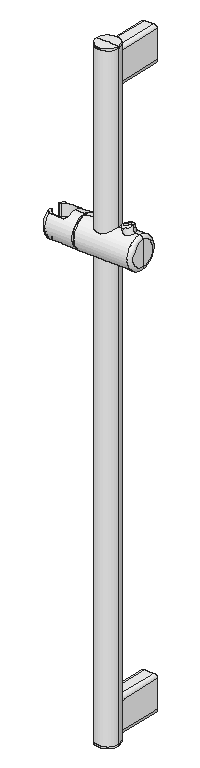
Revit family "Reece_Accessory_Mizu_Drift_Shower Grab Rail_Assisted Living", category Plumbing Fixtures, Revit 2018
Family settings
  Round Connector Dimension = Use Diameter
  Part Type = Normal
  Work Plane-Based = Yes
  Always vertical = Yes
  Cut with Voids When Loaded = Yes
  Shared = Yes
  Room Calculation Point = Yes
Parameters (values of type "840 mm_Chrome")
  URL = "https://www.reece.com.au/product/-2265152"
  Type Comments = "Accessory"
  Reece_Product_Web Page = "https://www.reece.com.au/product/-2265152"
  Reece_Product_Type = "Accessory"  # constant formula
  Reece_Product_Sub Brand = "Drift"  # constant formula
  Reece_Product_Number = "2265152"
  Reece_Product_Mount = "Wall Mounted"  # constant formula
  Reece_Product_Description = "Mizu Drift Assisted Living Straight Shower Grab Rail 840mm Chrome"
  Reece_Product_Brand = "Mizu"  # constant formula
  Reece_Overall_Height = 905 mm  # constant formula
  Reece_Material_Main = Reece_Brass_Brushed Chrome
  Reece_Installation_Minimum Depth [instance] = if(Reece_Height_From_Level < 16 mm, 16 mm, if(Reece_Height_From_Level > 16 mm, Reece_Height_From_Level, Reece_Height_From_Level))  # 600 mm
  Reece_Height_From_Level [instance] = 600 mm
  Reece_Detail_Shape = "Straight"  # constant formula
  Reece_Detail_Function = "Assisted Living"  # constant formula
  Reece_Detail_Disclaimer = "THIS FILE IS THE PROPERTY OF THE REECE GROUP. IT MAY NOT BE REPRODUCED, REVERSE-ENGINEERED, OR MODIFIED. ANY REPUBLICATION, TRANSMISSION, OR DISTRIBUTION FOR THE PURPOSE OF COMMERCIALLY EXPLOITING THE FILES IS PROHIBITED."  # constant formula
  Reece_Detail_Additional = "Shower Rail"  # constant formula
  Reece_Accessory_Projection = 91 mm  # constant formula
  Model = "Drift"
  Manufacturer = "Mizu"
  Keynote = "Product #2265152, Reece_Accessory_Mizu_Drift_Shower Grab Rail_Assisted Living - 840 mm_Chrome"
  Disclaimer = "THIS FILE IS THE PROPERTY OF THE REECE GROUP. IT MAY NOT BE REPRODUCED, REVERSE-ENGINEERED, OR MODIFIED. ANY REPUBLICATION, TRANSMISSION, OR DISTRIBUTION FOR THE PURPOSE OF COMMERCIALLY EXPLOITING THE FILES IS PROHIBITED."  # constant formula
  Description = "Mizu Drift Assisted Living Straight Shower Grab Rail 840mm Chrome"
  Default Elevation = 0 mm
Types (4, lengths in mm): name | URL | Reece_Product_Web Page | Reece_Product_Number | Reece_Product_Description | Reece_Material_Main | Keynote | Description
  (no name) | "https://www.reece.com.au/product/-2265154" | "https://www.reece.com.au/product/-2265154" | "2265154" | "Mizu Drift Assisted Living Straight Shower Grab Rail 840mm Brushed Nickel" | Reece_Brass_Brushed Nickel | "Product #2265154, Reece_Accessory_Mizu_Drift_Shower Grab Rail_Assisted Living -  " | "Mizu Drift Assisted Living Straight Shower Grab Rail 840mm Brushed Nickel"
  840 mm_Chrome | "https://www.reece.com.au/product/-2265152" | "https://www.reece.com.au/product/-2265152" | "2265152" | "Mizu Drift Assisted Living Straight Shower Grab Rail 840mm Chrome" | Reece_Brass_Brushed Chrome | "Product #2265152, Reece_Accessory_Mizu_Drift_Shower Grab Rail_Assisted Living - 840 mm_Chrome" | "Mizu Drift Assisted Living Straight Shower Grab Rail 840mm Chrome"
  840 mm_Brushed Nickel | "https://www.reece.com.au/product/-2265154" | "https://www.reece.com.au/product/-2265154" | "2265154" | "Mizu Drift Assisted Living Straight Shower Grab Rail 840mm Brushed Nickel" | Reece_Brass_Brushed Nickel | "Product #2265154, Reece_Accessory_Mizu_Drift_Shower Grab Rail_Assisted Living - 840 mm_Brushed Nickel" | "Mizu Drift Assisted Living Straight Shower Grab Rail 840mm Brushed Nickel"
  840 mm_Matte Black | "https://www.reece.com.au/product/-2265153" | "https://www.reece.com.au/product/-2265153" | "2265153" | "Mizu Drift Assisted Living Straight Shower Grab Rail 840mm Matte Black" | Reece_Brass_Matte Black | "Product #2265153, Reece_Accessory_Mizu_Drift_Shower Grab Rail_Assisted Living - 840 mm_Matte Black" | "Mizu Drift Assisted Living Straight Shower Grab Rail 840mm Matte Black"
Reference planes
  plane 1 "Center (Front/Back)": y = 0
  plane 2 "Bottom Host Plane": z = -5
  plane 3 "Center (Left/Right)": x = 0
  plane 4 "Height From Level": z = 600
  plane 5: y = -91
  plane 6: z = 1505
Lines and regions (mm)
  model lines, style "InvisibleLines"
    curve 1: line (0, 0, 600) -> (0, 0, 0)
Text (mm)
  text "Reece ©" at (2262.069, -2096.372, 3658.371), in view "Reece Preview"
  text "Reece Copyright © 2018, Reece Ltd." at (477.94, 39.386, 0), in view "Ref. Level"
Dimensions and locks
  locked: plane 2 "Bottom Host Plane" to level at 5
  "Reece_Installation_Minimum Depth": plane 4 "Height From Level" to level
  "Reece_Accessory_Projection": plane 1 "Center (Front/Back)" to plane 5
  "Reece_Overall_Height": plane 6 to plane 4 "Height From Level"
  aligned and locked: plane 4 "Height From Level" to curve 1
  aligned and locked: level to curve 1
  aligned and locked: plane 3 "Center (Left/Right)" to nested 1
Automatic sketch dimensions
  curve 1 to plane 3 "Center (Left/Right)" = 0 mm
Nested families
  nested 1: "Reece_Accessory_Mizu_Drift_Shower Grab Rail_Assisted Living_Nested" at (52.5, 0, 600), Reece_Material_Main <- "Reece_Material_Main", type "Reece_Accessory_Mizu_Drift_Shower Grab Rail_Assisted Living_Nested"
    with Reece_Material_Main Reece_Brass_Brushed Chrome
Definition of nested family "Reece_Accessory_Mizu_Drift_Shower Grab Rail_Assisted Living_Nested"
  Parameters (values of type "Reece_Accessory_Mizu_Drift_Shower Grab Rail_Assisted Living_Nested")
    Reece_Product_Web Page = ""
    Reece_Product_Type = ""
    Reece_Product_Sub Brand = ""
    Reece_Product_Number = ""
    Reece_Product_Mount = ""
    Reece_Product_Description = ""
    Reece_Product_Brand = ""
    Reece_Material_Main [instance] = none
    Reece_Detail_Shape = ""
    Reece_Detail_Installation = ""
    Reece_Detail_Connector = ""
    Reece_Detail_Additional = ""
    Default Elevation = 0 mm
  Reference planes
    plane 1 "Center (Front/Back)": y = 0
    plane 2 "Bottom Host Plane": z = 0
    plane 3 "Center (Left/Right)": x = -52.5
    plane 4: y = -91
    plane 5: z = 905
    plane 6: z = 16
    plane 7 "Rail": y = -75
    plane 8: x = -68.5
    plane 9: z = 649
    plane 10: z = 649
  Forms (mm)
    Sweep 1, solid, material <- "Reece_Material_Main"
      path origin (0, -75, 459.095) x (-1, 0, 0) y (0, 0, 1)
        loop
          line (52.5, 445.905) -> (52.5, -459.095)
      profile origin (-52.5, -75, 452.5) x (0, 1, 0) y (-1, 0, 0)
        loop
          circle (0, 0) r 16
    Revolve 2, void
      sketch origin (0, -75, 459.095) x (-1, 0, 0) y (0, 0, 1)
        loop
          line (107.5, 442.871) -> (107.5, 455.905) -> (52.5, 455.905) -> (52.5, 445.905)
          arc (52.5, 445.905) -> (80.042, 445.146) -> (107.5, 442.871) r 500
        loop
          line (62.908, 443.655) -> (69.716, 443.179) -> (70.585, 443.655) -> (62.908, 443.655)
        loop
          arc (107.5, -456.061) -> (80.042, -458.336) -> (52.5, -459.095) r 500
          line (52.5, -459.095) -> (52.5, -469.095) -> (107.5, -469.095) -> (107.5, -456.061)
        loop
          line (62.908, -456.845) -> (70.585, -456.845) -> (69.716, -456.369) -> (62.908, -456.845)
        axis (52.5, -469.095) -> (52.5, 455.905)
      angle from 0 to 360
    Extrusion 3, solid, material <- "Reece_Material_Main"
      sketch origin (0, 0, 459.095) x (1, 0, 0) y (0, 0, 1)
        loop
          arc (-64, 393.394) -> (-62.536, 389.858) -> (-59, 388.394) r 5
          line (-59, 388.394) -> (-46, 388.394)
          arc (-46, 388.394) -> (-42.464, 389.858) -> (-41, 393.394) r 5
          line (-41, 393.394) -> (-41, 433.394)
          arc (-41, 433.394) -> (-42.464, 436.929) -> (-46, 438.394) r 5
          line (-46, 438.394) -> (-59, 438.394)
          arc (-59, 438.394) -> (-62.536, 436.929) -> (-64, 433.394) r 5
          line (-64, 433.394) -> (-64, 393.394)
        loop
          line (-64, -406.584) -> (-64, -446.584)
          arc (-64, -446.584) -> (-62.536, -450.119) -> (-59, -451.584) r 5
          line (-59, -451.584) -> (-46, -451.584)
          arc (-46, -451.584) -> (-42.464, -450.119) -> (-41, -446.584) r 5
          line (-41, -446.584) -> (-41, -406.584)
          arc (-41, -406.584) -> (-42.464, -403.048) -> (-46, -401.584) r 5
          line (-46, -401.584) -> (-59, -401.584)
          arc (-59, -401.584) -> (-62.536, -403.048) -> (-64, -406.584) r 5
      from 0 to 75
    Revolve 4, solid, material <- "Reece_Material_Main"
      sketch origin (0, -75, 121.511) x (-1, 0, 0) y (0, 0, 1)
        loop
          line (1.5, 544.989) -> (1.5, 527.489) -> (129.5, 527.489) -> (129.5, 544.989)
          arc (129.5, 544.989) -> (128.036, 548.524) -> (124.5, 549.989) r 5
          line (124.5, 549.989) -> (85.5, 549.989) -> (85.5, 549.189) -> (82.5, 549.189) -> (82.5, 549.989) -> (6.5, 549.989)
          arc (6.5, 549.989) -> (2.964, 548.524) -> (1.5, 544.989) r 5
        axis (129.5, 527.489) -> (1.5, 527.489)
      angle from 0 to 360
    Extrusion 5, void
      sketch origin (0, -75, 121.511) x (-1, 0, 0) y (0, 0, 1)
        loop
          line (103.5, 543.989) -> (133.5, 543.989) -> (133.5, 552.452) -> (98.5, 552.452) -> (98.5, 548.989)
          arc (98.5, 548.989) -> (99.964, 545.453) -> (103.5, 543.989) r 5
        loop
          arc (125.866, 506.441) -> (113.859, 508.765) -> (102.743, 503.664) r 20
          line (102.743, 503.664) -> (128.36, 503.664) -> (128.36, 506.352)
          arc (128.36, 506.352) -> (127.103, 506.1) -> (125.866, 506.441) r 2.775
      from 77.696 to -63.241
    Extrusion 6, void
      sketch origin (-351.013, -1524, 649) x (-1, 0, 0) y (0, -1, 0)
        loop
          line (-216.513, -1456.5) -> (-216.513, -1441.5) -> (-223.457, -1441.5)
          arc (-223.457, -1441.5) -> (-223.942, -1441.375) -> (-224.305, -1441.031) r 1
          arc (-224.305, -1441.031) -> (-252.013, -1449) -> (-224.305, -1456.969) r 15
          arc (-224.305, -1456.969) -> (-223.942, -1456.625) -> (-223.457, -1456.5) r 1
          line (-223.457, -1456.5) -> (-216.513, -1456.5)
      from -54.822 to 41.525
    Revolve 7, solid, material <- "Reece_Material_Main"
      sketch origin (0, -75, 0) x (-1, 0, 0) y (0, 0, 1)
        loop
          line (23.613, 679.508) -> (18.3, 680.932)
          arc (18.3, 680.932) -> (16.783, 680.732) -> (15.851, 679.518) r 2
          line (15.851, 679.518) -> (9.898, 657.301) -> (17.142, 655.36) -> (23.613, 679.508)
        axis (17.142, 655.36) -> (23.613, 679.508)
      angle from 0 to 360
  Cuts and joins
    Revolve 2 cuts Sweep 1
    Extrusion 5, Extrusion 6 cuts Revolve 4
    joined: Sweep 1, Extrusion 3, Revolve 4, Revolve 7
  Text (mm)
    text "Reece ©" at (2801.842, -2385.211, 2829.759), in view "Reece Preview"
    text "Reece Copyright © 2018, Reece Ltd." at (-1077.021, -315.4, 0), in view "Ref. Level"
  Dimensions and locks
    locked: plane 4 to plane 1 "Center (Front/Back)" at 91
    locked: plane 1 "Center (Front/Back)" to plane 7 "Rail" at 75
    Revolve 4 sketch curve to Revolve 4 sketch curve to plane 9 = 0.8 mm locked, 21.7 mm locked
    locked: Revolve 4 sketch curve to plane 9 at 22.5
    Extrusion 5 sketch curve to Extrusion 5 sketch curve to Extrusion 5 sketch curve to Extrusion 5 sketch curve to plane 9 = 3.463 mm locked, 5 mm locked, 0 mm locked, 16.5 mm locked
    plane 9 to Extrusion 5 sketch curve to Extrusion 5 sketch curve to Extrusion 5 sketch curve = 21.048 mm locked, 0.089 mm locked, 2.688 mm locked
    plane 5 to level = 905 mm
    aligned and locked: Extrusion 3 to plane 7 "Rail"
    aligned and locked: Revolve 4 sketch curve to plane 9  (x2)
